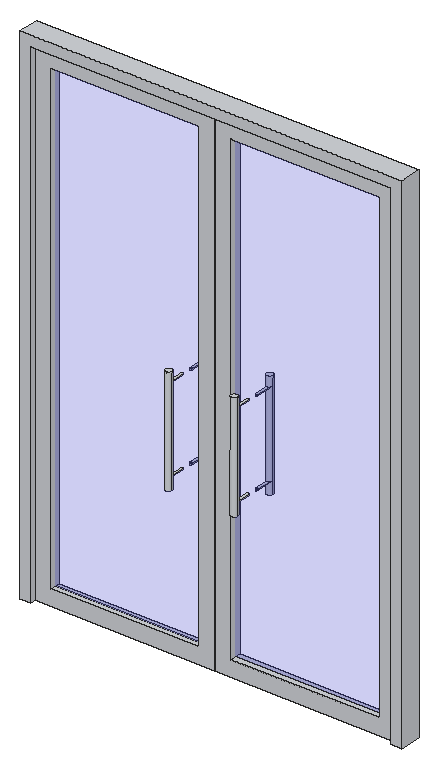
Revit family "双面嵌板玻璃门", category 门, Revit 2018
Family settings
  主体 = 墙
  OmniClass 编号 = 23.30.10.00
  OmniClass 标题 = Doors
  总是垂直 = 是
  加载时剪切的空心 = 否
  共享 = 否
  房间计算点 = 否
Parameters (values of type "1800 x 2400mm")
  Visual Light Transmittance = 0.9
  Type Comments = ""
  厚度 = 0 mm
  Solar Heat Gain Coefficient = 0.78
  Rough Width = 宽度  # 1800 mm
  Rough Height = 高度  # 2400 mm
  W = 宽度 / 2  # 900 mm
  构造类型 ID = ""
  传热系数(U) = 3.6886 W/(m²·K)
  门嵌板框架宽度 = 75 mm
  门嵌板框架厚度 = 50 mm
  把手材质 = none
  玻璃 = none
  功能 = 内部
  高度 = 2400 mm
  墙闭合 = 按主体
  宽度 = 1800 mm
  框架宽度 = 50 mm
  框架厚度 = 100 mm
  框架材质 = none
  门嵌板框架材质 = none
  Construction Type = ""
  Analytic Construction = (empty or 0)
Types (6, lengths in mm): name | 厚度 | W | 高度 | 宽度
  (no name) | 0 | 900 | 2400 | 1800
  1800 x 2400mm | 0 | 900 | 2400 | 1800
  1200 x 2100mm | 50 | 600 | 2100 | 1200
  1500 x 2100mm | 50 | 750 | 2100 | 1500
  1500 x 2400mm | 50 | 750 | 2400 | 1500
  1800 x 2100mm | 50 | 900 | 2100 | 1800
Reference planes
  plane 1: y = 0
  plane 2 "中心(左/右)": x = 0
  plane 3 "左": x = -900
  plane 4 "右": x = 900
  plane 5: z = 2400
  plane 6 "外部": y = 75
  plane 7 "内部": y = -75
  plane 8: z = 1200
  plane 9 "框架轴": y = 0
  plane 10: y = 50
  plane 11: y = -50
  plane 12: y = 25
  plane 13: y = -25
  plane 14: z = 2350
  plane 15: z = 2275
  plane 16: z = 75
  plane 17: z = 1175
  plane 18: x = 155
  plane 19: x = -155
  plane 20: x = -850
  plane 21: x = 850
  plane 22: x = -775
  plane 23: x = 775
  plane 24: x = -775
  plane 25: x = 75
  plane 26: x = 775
  plane 27: x = -75
  plane 28: y = 900
  plane 29: x = -860
  plane 30: x = 860
  plane 31: y = -20
  plane 32: y = 20
  plane 33: z = 1000
Forms (mm)
  Extrusion 1, solid, material <- "框架材质"
    sketch origin (0, 75, 0) x (1, 0, 0) y (0, 0, 1)
      loop
        line (900, 0) -> (900, 2400) -> (-900, 2400) -> (-900, 0) -> (-850, 0) -> (-850, 2350) -> (850, 2350) -> (850, 0) -> (900, 0)
    from 25 to 125
  Extrusion 2, solid, material <- "门嵌板框架材质"
    sketch origin (0, 75, 0) x (1, 0, 0) y (0, 0, 1)
      loop
        line (850, 2350) -> (0, 2350) -> (0, 0) -> (850, 0) -> (850, 2350)
      loop
        line (775, 75) -> (775, 2275) -> (75, 2275) -> (75, 75) -> (775, 75)
    from 50 to 100
  Extrusion 3, solid, material <- "门嵌板框架材质"
    sketch origin (0, 75, 0) x (-1, 0, 0) y (0, 0, -1)
      loop
        line (850, -2350) -> (850, 0) -> (0, 0) -> (0, -2350) -> (850, -2350)
      loop
        line (775, -75) -> (75, -75) -> (75, -2275) -> (775, -2275) -> (775, -75)
    from 50 to 100
  Extrusion 4, solid, material <- "玻璃"
    sketch origin (0, 0, 0) x (-1, 0, 0) y (0, 0, 1)
      loop
        line (-775, 2275) -> (-775, 75) -> (-75, 75) -> (-75, 2275) -> (-775, 2275)
      loop
        line (75, 2275) -> (75, 75) -> (775, 75) -> (775, 2275) -> (75, 2275)
    from -2 to 2
Lines and regions (mm)
  Opening 1
    outline origin (-3050, -75, 0) x (1, 0, 0) y (0, 0, 1)
      loop
        line (2150, 0) -> (3950, 0) -> (3950, 2400) -> (2150, 2400) -> (2150, 0)
  Masking region 1
    outline origin (0, 0, 0) x (1, 0, 0) y (0, 1, 0)
      loop
        line (-900, 900) -> (-900, 0) -> (-860, 0) -> (-860, 900) -> (-900, 900)
      loop
        line (900, 900) -> (860, 900) -> (860, 0) -> (900, 0) -> (900, 900)
  Masking region 2
    outline origin (0, 0, 0) x (0, 1, 0) y (0, 0, 1)
      loop
        line (-75, 2400) -> (-75, 0) -> (75, 0) -> (75, 2400) -> (-75, 2400)
  symbolic lines, style "立面打开方向 - 划线"
    curve 1: line (0, 75, 2350) -> (-850, 75, 1175)
    curve 2: line (-850, 75, 1175) -> (0, 75, 0)
    curve 3: line (850, 75, 1175) -> (0, 75, 2350)
    curve 4: line (0, 75, 0) -> (850, 75, 1175)
  symbolic lines, style "平/剖面打开方向 - 实线"
    curve 5: line (-900, 75, 0) -> (-900, 900, 0)
    curve 6: line (-900, 900, 0) -> (-860, 900, 0)
    curve 7: line (-860, 900, 0) -> (-860, 0, 0)
    curve 8: line (900, 75, 0) -> (900, 900, 0)
    curve 9: line (860, 900, 0) -> (860, 0, 0)
    curve 10: line (900, 900, 0) -> (860, 900, 0)
    curve 11: line (-860, 0, 0) -> (-900, 0, 0)
    curve 12: line (860, 0, 0) -> (900, 0, 0)
    curve 13: arc (-900, 900, 0) -> (-263.604, 636.396, 0) -> (0, 0, 0) r 900
    curve 14: arc (0, 0, 0) -> (263.604, 636.396, 0) -> (900, 900, 0) r 900
    curve 15: line (900, 75, 0) -> (900, 0, 0)
    curve 16: line (-900, 75, 0) -> (-900, 0, 0)
    curve 17: line (0, -75, 2400) -> (0, 75, 2400)
    curve 18: line (0, -75, 0) -> (0, -75, 2400)
    curve 19: line (0, 75, 0) -> (0, -75, 0)
    curve 20: line (0, 75, 2400) -> (0, 75, 0)
    curve 21: line (0, -20, 2400) -> (0, -20, 0)
    curve 22: line (0, 20, 0) -> (0, 20, 2400)
Text (mm)
  text "Exterior" at (-2295.016, 1099.543, 0), in view "参照标高"
  text "Exterior" at (0, 1615.38, 3698.081), in view "左"
  text "Exterior" at (0, 1036.032, 3874.932), in view "右"
Dimensions and locks
  equal spacing: plane 3 "左", plane 2 "中心(左/右)", plane 4 "右"
  "宽度": plane 3 "左" to plane 4 "右"
  "高度": plane 5 to host wall
  locked: plane 6 "外部" to host wall at 0
  locked: plane 7 "内部" to host wall
  equal spacing: level, plane 8, plane 5
  "框架厚度": plane 10 to plane 11
  equal spacing: plane 10, plane 9 "框架轴", plane 11
  equal spacing: Extrusion 4, plane 9 "框架轴", Extrusion 4
  locked: Extrusion 4 to Extrusion 4 at 4
  equal spacing: plane 12, plane 9 "框架轴", plane 13
  "门嵌板框架厚度": plane 12 to plane 13
  "框架宽度": plane 14 to plane 5
  "门嵌板框架宽度": plane 15 to plane 14
  equal spacing: Extrusion 3, plane 9 "框架轴", Extrusion 3
  "门嵌板框架厚度": Extrusion 3 to Extrusion 3
  "框架宽度": plane 3 "左" to plane 20
  "框架宽度": plane 21 to plane 4 "右"
  "门嵌板框架宽度": plane 20 to plane 24
  "门嵌板框架宽度": plane 27 to plane 2 "中心(左/右)"
  "门嵌板框架宽度": plane 2 "中心(左/右)" to plane 25
  "门嵌板框架宽度": plane 26 to plane 21
  "门嵌板框架宽度": level to plane 16
  "W": plane 28 to plane 1
  locked: plane 3 "左" to plane 29 at 40
  locked: plane 30 to plane 4 "右" at 40
  equal spacing: level, plane 17, plane 14
  plane 31 to plane 1 to plane 32 = 20 mm locked, 20 mm locked
  locked: level to plane 33 at 1000
  locked: plane 25 to plane 18 at 80
  locked: plane 27 to plane 19 at 80
  aligned and locked: plane 3 "左" to Opening 1 sketch curve
  aligned and locked: plane 5 to Opening 1 sketch curve  (x2)
  aligned and locked: Opening 1 sketch curve to plane 4 "右"
  aligned and locked: Opening 1 sketch curve to level
  aligned and locked: plane 1 to host wall
  aligned and locked: Extrusion 1 sketch curve to level
  aligned and locked: level to Extrusion 1 sketch curve
  aligned and locked: plane 4 "右" to Extrusion 1 sketch curve
  aligned and locked: Extrusion 1 sketch curve to plane 3 "左"
  aligned and locked: plane 5 to Extrusion 1 sketch curve
  aligned and locked: plane 10 to Extrusion 1
  aligned and locked: plane 11 to Extrusion 1
  aligned and locked: Extrusion 2 sketch curve to Extrusion 1
  aligned and locked: plane 2 "中心(左/右)" to Extrusion 2 sketch curve
  aligned and locked: level to Extrusion 2 sketch curve
  aligned and locked: plane 12 to Extrusion 2
  aligned and locked: plane 13 to Extrusion 2
  aligned and locked: Extrusion 2 to Extrusion 4 sketch curve
  aligned and locked: Extrusion 4 sketch curve to Extrusion 2  (x2)
  aligned and locked: Extrusion 3 to Extrusion 4 sketch curve
  aligned and locked: Extrusion 4 sketch curve to Extrusion 3  (x2)
  aligned and locked: Extrusion 1 sketch curve to plane 14
  aligned and locked: Extrusion 2 sketch curve to plane 14
  aligned and locked: plane 14 to Extrusion 3 sketch curve
  aligned and locked: plane 17 to curve 1
  aligned and locked: Extrusion 2 sketch curve to plane 15
  aligned and locked: plane 15 to Extrusion 3 sketch curve
  aligned and locked: Extrusion 4 sketch curve to plane 15  (x2)
  aligned and locked: Extrusion 1 sketch curve to plane 21
  aligned and locked: Extrusion 1 sketch curve to plane 20
  aligned and locked: plane 20 to Extrusion 3 sketch curve
  aligned and locked: plane 21 to curve 4
  aligned and locked: plane 20 to curve 2
  aligned and locked: plane 24 to Extrusion 3 sketch curve
  aligned and locked: plane 27 to Extrusion 3 sketch curve
  aligned and locked: Extrusion 3 sketch curve to plane 16
  aligned and locked: Extrusion 3 sketch curve to level
  aligned and locked: plane 2 "中心(左/右)" to Extrusion 3 sketch curve
  aligned and locked: Extrusion 2 sketch curve to plane 25
  aligned and locked: plane 16 to Extrusion 2 sketch curve
  aligned and locked: plane 26 to Extrusion 2 sketch curve
  aligned and locked: curve 6 to plane 28
  aligned and locked: plane 28 to curve 10
  aligned and locked: plane 1 to curve 12
  aligned and locked: curve 11 to plane 1
  aligned and locked: plane 1 to curve 13
  aligned and locked: plane 2 "中心(左/右)" to curve 14
  aligned and locked: Masking region 1 sketch curve to curve 6
  aligned and locked: Masking region 1 sketch curve to curve 5
  aligned and locked: Masking region 1 sketch curve to curve 11
  aligned and locked: Masking region 1 sketch curve to curve 7
  aligned and locked: Masking region 1 sketch curve to curve 10
  aligned and locked: Masking region 1 sketch curve to curve 8
  aligned and locked: Masking region 1 sketch curve to curve 12
  aligned and locked: Masking region 1 sketch curve to curve 9
  aligned and locked: curve 9 to plane 30
  aligned and locked: plane 29 to curve 7
  aligned and locked: plane 4 "右" to curve 15
  aligned and locked: plane 3 "左" to curve 16
  aligned and locked: plane 14 to curve 1
  aligned and locked: plane 2 "中心(左/右)" to curve 3
  aligned and locked: plane 17 to curve 4
  aligned and locked: level to curve 4
  aligned and locked: plane 2 "中心(左/右)" to curve 4
  aligned and locked: plane 5 to Masking region 2 sketch curve
  aligned and locked: Masking region 2 sketch curve to plane 7 "内部"
  aligned and locked: level to Masking region 2 sketch curve
  aligned and locked: plane 6 "外部" to Masking region 2 sketch curve
  aligned and locked: plane 5 to curve 17
  aligned and locked: curve 18 to plane 7 "内部"
  aligned and locked: level to curve 19
  aligned and locked: plane 6 "外部" to curve 20
  aligned and locked: plane 31 to curve 21
  aligned and locked: plane 32 to curve 22
  aligned and locked: nested 1 to plane 9 "框架轴"
  aligned and locked: nested 2 to plane 9 "框架轴"
  aligned and locked: plane 33 to nested 1
  aligned and locked: plane 33 to nested 2
  aligned and locked: plane 19 to nested 1
  aligned and locked: nested 2 to plane 18
Automatic sketch dimensions
  curve 5 to host wall = 0 mm
  curve 15 to host wall = 0 mm
Nested families
  nested 1: "立式长拉手 8" at (-155, 0, 1000), type "高度 500mm", detail levels fine
  nested 2: "立式长拉手 8" at (155, 0, 1000), type "高度 500mm", detail levels fine
Definition of nested family "立式长拉手 8"
  Parameters
    嵌板厚度 = 50 mm
    把手材质 = none
    把手半径 = 15 mm
    把手高 = 500 mm
    把手深度 = 80 mm
    连接半径 = 5 mm
    连接高度 = 把手高 - 100 mm  # 400 mm
    Assembly Code = ""
  Reference planes
    plane 1 "中心(前/后)": y = 0
    plane 2: z = 0
    plane 3 "中心(左/右)": x = 0
    plane 4: z = 250
    plane 5: y = -105
    plane 6: z = -250
    plane 7: z = 200
    plane 8: z = -200
    plane 9: y = -25
    plane 10: y = 25
    plane 11: y = 105
  Forms (mm)
    Extrusion 1, solid, material <- "把手材质"
      sketch origin (0, -30.569, 0) x (1, 0, 0) y (0, 1, 0)
        loop
          circle (0, -74.431) r 15
      from -250 to 250
    Extrusion 2, solid, material <- "把手材质"
      sketch origin (0, 0, 0) x (1, 0, 0) y (0, 0, 1)
        loop
          circle (0, 200) r 5
        loop
          circle (0, -200) r 5
      from 25 to 105
    Extrusion 3, solid, material <- "把手材质"
      sketch origin (0, 0, 0) x (1, 0, 0) y (0, 0, -1)
        loop
          circle (0, -200) r 5
        loop
          circle (0, 200) r 5
      from 25 to 105
    Extrusion 4, solid, material <- "把手材质"
      sketch origin (0, 30.569, 0) x (1, 0, 0) y (0, 1, 0)
        loop
          circle (0, 74.431) r 15
      from -250 to 250
  Dimensions and locks
    equal spacing: plane 4, plane 2, plane 6
    "把手高": plane 4 to plane 6
    equal spacing: plane 7, plane 2, plane 8
    "连接高度": plane 7 to plane 8
    equal spacing: plane 9, plane 1 "中心(前/后)", plane 10
    "把手深度": plane 9 to plane 5
    "把手深度": plane 10 to plane 11
    "嵌板厚度": plane 9 to plane 10
    "把手半径": radius of Extrusion 1 sketch curve
    "连接半径": radius of Extrusion 2 sketch curve  (x2)
    "连接半径": radius of Extrusion 3 sketch curve  (x2)
    "把手半径": radius of Extrusion 4 sketch curve
    aligned and locked: plane 6 to Extrusion 1
    aligned and locked: plane 4 to Extrusion 1
    aligned: Extrusion 2 to plane 5
    aligned and locked: Extrusion 2 to plane 5  (x2)
    aligned and locked: plane 9 to Extrusion 2
    aligned and locked: plane 5 to Extrusion 1 sketch curve
    aligned and locked: plane 3 "中心(左/右)" to Extrusion 1 sketch curve
    aligned and locked: Extrusion 2 to plane 9  (x2)
    aligned and locked: plane 10 to Extrusion 3
    aligned and locked: Extrusion 3 to plane 11
    aligned and locked: plane 11 to Extrusion 4 sketch curve
    aligned and locked: plane 3 "中心(左/右)" to Extrusion 4 sketch curve
    aligned and locked: plane 4 to Extrusion 4
    aligned and locked: plane 6 to Extrusion 4
  Automatic sketch dimensions
    Extrusion 2 sketch curve to plane 3 "中心(左/右)" = 0 mm  (x2)
    Extrusion 2 sketch curve to plane 8 = 0 mm
    Extrusion 2 sketch curve to plane 7 = 0 mm
    Extrusion 3 sketch curve to plane 3 "中心(左/右)" = 0 mm  (x2)
    Extrusion 3 sketch curve to plane 7 = 0 mm
    Extrusion 3 sketch curve to plane 8 = 0 mm
